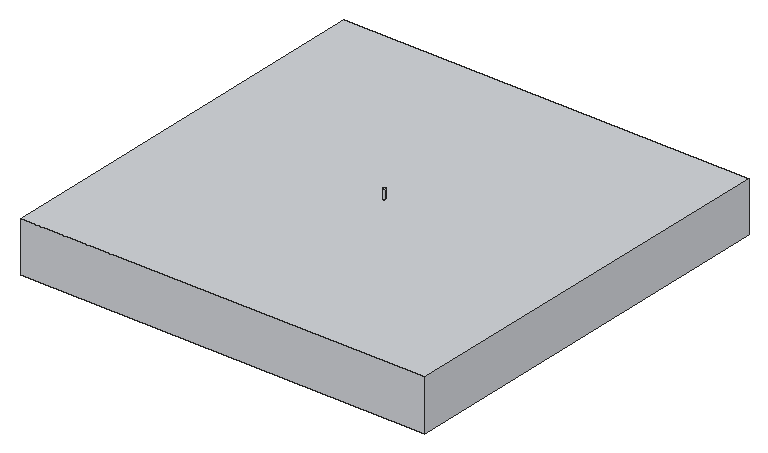
Revit family "M_Sprinkler - Pendente - Hospedada", category Sprinklers, Revit 2019
Family settings
  Hospedeiro = Face
  Manter orientação da anotação = Sim
  Cota do conector redondo = Usar raio
  Tipo de parte = Normal
  Número OmniClass = 23.65.70.17.11.24
  Título OmniClass = Fire Fighting Sprinkler Heads
  ID de item do Seek = Sprinkler - Pendent - Hosted-0000-CAN-ENU
  Corte com vazios quando carregada = Não
  Compartilhado = Não
  Ponto de cálculo do ambiente = Não
Parameters (values of type "Pendente de 15 mm")
  Classificação de temperatura = 57 °C
  Símbolo [instance] = M_Sprinkler - Símbolo - Pendente : Sprinkler - Símbolo - Pendente
  Resposta = Padrão
  Queda de pressão [instance] = 48300.0 Pa
  Classe de pressão = Padrão
  Tamanho do orifício = 13 mm
  Orifício = Padrão
  Fator-K = 81
  Fluxo [instance] = 2.0 L/s
  Diâmetro do escudete = Diâmetro nominal  # 15 mm
  Cobertura = Padrão
  Diâmetro nominal = Raio nominal * 2  # 15 mm
  Raio nominal = 7.5 mm
  Raio do escudete = 0.5 * Diâmetro do escudete  # 7.5 mm
  Protrusão = Comprimento total - CEL  # 53 mm
  Comprimento total = 60 mm
  Espessura do escudete = 3 mm
  Elevação-padrão = 2400 mm
  CEL = 7 mm
  Assembly Code = ""
Types (8, lengths in mm): name | Símbolo | Queda de pressão | Tamanho do orifício | Fator-K | Fluxo | Diâmetro do escudete | Diâmetro nominal | Raio nominal | Raio do escudete | Protrusão | Comprimento total | CEL
  Pendente de 15 mm | M_Sprinkler - Símbolo - Pendente : Sprinkler - Símbolo - Pendente | 48300.0 Pa | 13 | 81 | 2.0 L/s | 15 | 15 | 7.5 | 7.5 | 53 | 60 | 7
  Pendente em gota de 15 mm | M_Sprinkler - Símbolo - Pendente em gota : Sprinkler - Símbolo - Pendente em gota | 48300.0 Pa | 13 | 81 | 2.0 L/s | 15 | 15 | 7.5 | 7.5 | 53 | 60 | 7
  Pendente em gota de 15 mm com proteção | M_Sprinkler - Símbolo - Pendente em gota com proteção : Sprinkler - Símbolo - Pendente em gota com proteção | 48300.0 Pa | 13 | 81 | 2.0 L/s | 15 | 15 | 7.5 | 7.5 | 53 | 60 | 7
  Pendente de 15 mm com proteção | M_Sprinkler - Símbolo - Pendente com protetor : Sprinkler - Símbolo - Pendente com proteção | 48300.0 Pa | 13 | 81 | 2.0 L/s | 15 | 15 | 7.5 | 7.5 | 53 | 60 | 7
  Pendente de 20 mm | M_Sprinkler - Símbolo - Pendente : Sprinkler - Símbolo - Pendente | 96500.0 Pa | 14 | 115 | 3.0 L/s | 20 | 20 | 10 | 10 | 54 | 64 | 10
  Pendente em gota de 20 mm | M_Sprinkler - Símbolo - Pendente em gota : Sprinkler - Símbolo - Pendente em gota | 96500.0 Pa | 14 | 115 | 3.0 L/s | 20 | 20 | 10 | 10 | 54 | 64 | 10
  Pendente em gota de 20 mm com proteção | M_Sprinkler - Símbolo - Pendente em gota com proteção : Sprinkler - Símbolo - Pendente em gota com proteção | 96500.0 Pa | 14 | 115 | 3.0 L/s | 20 | 20 | 10 | 10 | 54 | 64 | 10
  Pendente de 20 mm com proteção | M_Sprinkler - Símbolo - Pendente com protetor : Sprinkler - Símbolo - Pendente com proteção | 96500.0 Pa | 14 | 115 | 3.0 L/s | 20 | 20 | 10 | 10 | 54 | 64 | 10
Reference planes
  plane 1 "Centro (Frente/Trás)": y = 0
  plane 2: z = 0
  plane 3 "Centro (Esquerda/Direita)": x = 0
  plane 4: z = -7
  plane 5: z = 3
  plane 6: z = 53
  plane 7: z = 0
Forms (mm)
  Extrusion 1, solid
    sketch origin (0, 0, 0) x (1, 0, 0) y (0, 1, 0)
      loop
        line (-1219.2, 1219.2) -> (-1219.2, -1219.2) -> (1219.2, -1219.2) -> (1219.2, 1219.2) -> (-1219.2, 1219.2)
    from 0 to -304.8
  Extrusion 2, solid
    sketch origin (0, 0, 0) x (1, 0, 0) y (0, 1, 0)
      loop
        circle (0, 0) r 7.5
    from 0 to 53
  Extrusion 3, solid
    sketch origin (0, 0, 0) x (1, 0, 0) y (0, 1, 0)
      loop
        circle (0, 0) r 7.5
    from 0 to 3
Cuts and joins
  joined: Extrusion 2, Extrusion 3
Dimensions and locks
  "Espessura do escudete": plane 5 to level
  "Protrusão": plane 6 to level
  "Comprimento total": plane 6 to plane 4
  "CEL": plane 7 to plane 4
  "Raio nominal": radius of Extrusion 2 sketch curve
  "Raio do escudete": radius of Extrusion 3 sketch curve
  aligned and locked: plane 2 to Extrusion 1
  aligned and locked: level to Extrusion 1
  aligned and locked: Extrusion 3 to level
  aligned and locked: plane 5 to Extrusion 3
  aligned and locked: plane 6 to Extrusion 2
  aligned and locked: Extrusion 2 to plane 7
Automatic sketch dimensions
  Extrusion 2 sketch curve to plane 1 "Centro (Frente/Trás)" = 0 mm
  Extrusion 2 sketch curve to plane 3 "Centro (Esquerda/Direita)" = 0 mm
  Extrusion 3 sketch curve to plane 1 "Centro (Frente/Trás)" = 0 mm
  Extrusion 3 sketch curve to plane 3 "Centro (Esquerda/Direita)" = 0 mm
  Extrusion 1 sketch curve to Extrusion 1 sketch curve = 2438.4 mm  (x2)
Nested families
  nested 1: "M_Sprinkler - Símbolo - Pendente" at (0, 1.587, 0), type <- "Símbolo", type "Sprinkler - Símbolo - Pendente"
Connectors
  piping at (0, 0, 0), diameter 15, driven by "Fluxo", driven by "Raio nominal", driven by "Queda de pressão"
    settings: on cut or joined group of Extrusion 2, Extrusion 3, index 1, connector inside diameter 15 mm, connector length 0 mm, flow factor 0, pipe flow 2.0 L/s, pressure drop 48300.0 Pa, fitting loss kfactor 0, connector angle 0.00°, fixture units 0, engagement length 0 mm, angle of deflection 0.00°, flow configuration 1, flow direction 1, fitting loss method 4, system type 23, joint type 0, gender type 0, connector reference index -1, connector utility 0, adjustable connector no, is connector primary yes, connector description "In"
Definition of nested family "M_Sprinkler - Símbolo - Pendente"
  Parameters
    Raio do símbolo = 0.5 * Diâmetro do símbolo  # 1.5 mm
    Diâmetro do símbolo = 3 mm
  Reference planes
    plane 1: y = 0
    plane 2: x = 0
  Lines and regions (mm)
    detail lines
      curve 1: circle (0, 0, 0) r 1.5 normal (0, 0, 1)
  Dimensions and locks
    "Raio do símbolo": radius of curve 1
  Automatic sketch dimensions
    curve 1 to plane 1 = 0 mm
    curve 1 to plane 2 = 0 mm
